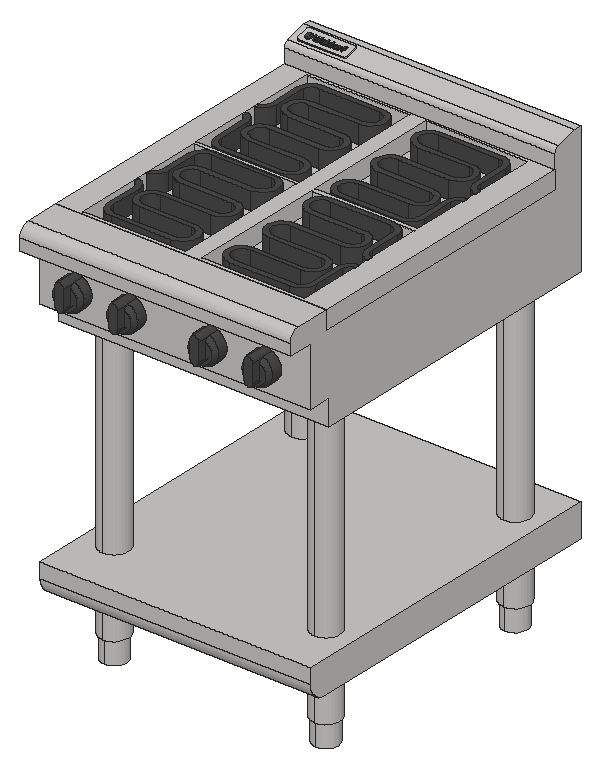
Revit family "QF_MOFFAT WALDORF_RNL8400E-LS", category Specialty Equipment, Revit 2012
Parameters
  Weight in Pounds = 163.1419
  Watts = 9600 W
  Volts = 415 V
  URL Cutsheet = "www.moffat.com"
  URL = "www.moffat.com"
  Type Mark [instance] = ""
  Status [instance] = ""
  Specification by User [instance] = ""
  Specification by Manufacturer = ""
  Show Logo [instance] = yes
  Show Casters [instance] = no
  Serial Number = ""
  Seismic Rating = ""
  SMACNA No = ""
  Revision Code [instance] = ""
  Phase = 2
  Omniclass Number and Title = ""
  Number of Poles = 1
  NAFEM Spec ID Number = ""
  Model = "RNL8400E-LS"
  Min Ckt Ampacity = 0 A
  Max Overcurrent Protection = 0 A
  Masterspec = ""
  Manufacturer = "MOFFAT WALDORF"
  Legs [instance] = not(Show Casters)  # yes
  Item Number [instance] = ""
  Installed By [instance] = ""
  Identify Quantity as Lot [instance] = yes
  HP = ""
  Furnished By [instance] = ""
  Foodservice Equipment Identifier [instance] = yes
  FL Amps = 20 A
  Elec Conn RI Height = 0 mm
  Elec Conn Connection Height = 0 mm
  Description = "COOK TOP LOW SPLASHBACK ELECTRIC ON LEG STAND"
  Cycle = 50 Hz
  Conn Plug = ""
  Conn Conduit = yes
  CSI MasterFormat = ""
  CSI Master Format = ""
  Base Height [instance] = 150 mm
  Apparent Power = if(Phase = 3, Volts * FL Amps * 1.73, Volts * FL Amps)  # 8300 VA
Reference planes
  plane 1 "BACK": y = 0
  plane 2: z = 0
  plane 3 "LEFT": x = 0
  plane 4 "RIGHT": x = 600
  plane 5 "FRONT": y = -805
  plane 6 "TOP": z = 970
  plane 7 "Center Y": x = 300
  plane 8 "Center X": y = -402.5
  plane 9 "Base Height": z = 150
  plane 10: z = 915
  plane 11: x = 65.8
  plane 12: y = -32
  plane 13: z = 710
  plane 14: x = 470
Forms (mm)
  Extrusion 1, solid, material "QF_Finishes_Stainless Steel"
    sketch origin (0, 0, 0) x (0, 1, 0) y (0, 0, 1)
      loop
        line (-805, 891) -> (-805, 866) -> (-749, 866) -> (-749, 735.938) -> (-699, 735.938) -> (-699, 680) -> (0, 680) -> (0, 970) -> (-16.5, 970) -> (-61.106, 958.048)
        arc (-61.106, 958.048) -> (-67.52, 953.762) -> (-70, 946.457) r 12
        line (-70, 946.457) -> (-70, 875) -> (-705, 875) -> (-705, 915) -> (-781, 915)
        arc (-781, 915) -> (-797.971, 907.971) -> (-805, 891) r 24
      loop
        line (0, 222.5) -> (-749, 222.5) -> (-749, 188)
        arc (-749, 188) -> (-737.87, 161.13) -> (-711, 150) r 38
        line (-711, 150) -> (0, 150) -> (0, 222.5)
    from 0 to 600
  Revolve 2, solid, material "QF_Finishes_Black"
    sketch origin (210, 0, 600) x (0, -1, 0) y (0, 0, 1)
      loop
        line (782, 229.605) -> (759, 229.605) -> (759, 202.105) -> (749, 202.105) -> (749, 197.105) -> (793, 197.105) -> (793, 223.757) -> (782, 229.605)
      axis (793, 197.105) -> (749, 197.105)
    angle from 0 to 360
  Extrusion 3, solid, material "QF_Finishes_Black"
    sketch origin (71.569, 0, 496.003) x (1, 0, 0) y (0, 0, 1)
      loop
        line (148.431, 289) -> (148.431, 327.997)
        arc (148.431, 327.997) -> (138.431, 337.997) -> (128.431, 327.997) r 10
        line (128.431, 327.997) -> (128.431, 289)
        arc (128.431, 289) -> (138.431, 279) -> (148.431, 289) r 10
    from 759 to 808
  Revolve 4, solid, material "QF_Finishes_Black"
    sketch origin (89.999, 0, 599.873) x (0, 1, 0) y (0, 0, -1)
      loop
        line (-782, -229.5) -> (-759, -229.5) -> (-759, -202) -> (-749, -202) -> (-749, -197) -> (-793, -197) -> (-793, -223.651) -> (-782, -229.5)
      axis (-793, -197) -> (-749, -197)
    angle from 0 to 360
  Extrusion 5, solid, material "QF_Finishes_Black"
    sketch origin (228.269, 0, 600.031) x (-1, 0, 0) y (0, 0, -1)
      loop
        arc (148.269, -184.969) -> (138.269, -174.969) -> (128.269, -184.969) r 10
        line (128.269, -184.969) -> (128.269, -223.969)
        arc (128.269, -223.969) -> (138.269, -233.969) -> (148.269, -223.969) r 10
        line (148.269, -223.969) -> (148.269, -184.969)
    from 759 to 808
  Extrusion 6, solid, material "QF_Finishes_Stainless Steel"
    sketch origin (0, -70, 875) x (0, -1, 0) y (1, 0, 0)
      loop
        line (1, 0) -> (635, 0) -> (635, 600) -> (1, 600) -> (1, 0)
      loop
        line (628.25, 54) -> (628.25, 282.75) -> (321.3, 282.75) -> (321.3, 54) -> (628.25, 54)
      loop
        line (6.75, 54) -> (313.7, 54) -> (313.7, 282.75) -> (6.75, 282.75) -> (6.75, 54)
      loop
        line (6.75, 317.25) -> (313.7, 317.25) -> (313.7, 546) -> (6.75, 546) -> (6.75, 317.25)
      loop
        line (628.25, 317.25) -> (628.25, 546) -> (321.3, 546) -> (321.3, 317.25) -> (628.25, 317.25)
    from 0 to 40
  Extrusion 7, solid, material "QF_Finishes_Black"
    sketch origin (0, -70, 875) x (0, -1, 0) y (1, 0, 0)
      loop
        arc (20.503, 102.138) -> (29.265, 78.692) -> (52.032, 68.293) r 32.731
        line (52.032, 68.293) -> (123.291, 68.293)
        arc (123.291, 68.293) -> (134.915, 64.189) -> (141.853, 54) r 19.786
        line (141.853, 54) -> (154.156, 54)
        arc (154.156, 54) -> (143.507, 72.673) -> (123.41, 80.3) r 31.79
        line (123.41, 80.3) -> (52.272, 80.3)
        arc (52.272, 80.3) -> (37.925, 87.003) -> (32.5, 101.881) r 20.722
        line (32.5, 101.881) -> (32.5, 234.6)
        arc (32.5, 234.6) -> (54.2, 256.3) -> (75.9, 234.6) r 21.7
        line (75.9, 234.6) -> (75.9, 122)
        arc (75.9, 122) -> (109.6, 88.3) -> (143.3, 122) r 33.7
        line (143.3, 122) -> (143.3, 234.6)
        arc (143.3, 234.6) -> (165, 256.3) -> (186.7, 234.6) r 21.7
        line (186.7, 234.6) -> (186.7, 122)
        arc (186.7, 122) -> (220.4, 88.3) -> (254.1, 122) r 33.7
        line (254.1, 122) -> (254.1, 234.6)
        arc (254.1, 234.6) -> (275.8, 256.3) -> (297.5, 234.6) r 21.7
        line (297.5, 234.6) -> (297.5, 101.881)
        arc (297.5, 101.881) -> (292.075, 87.003) -> (277.728, 80.3) r 20.722
        line (277.728, 80.3) -> (206.584, 80.3)
        arc (206.584, 80.3) -> (186.467, 72.659) -> (175.749, 54) r 31.973
        line (175.749, 54) -> (188.064, 54)
        arc (188.064, 54) -> (195.064, 64.184) -> (206.716, 68.3) r 19.973
        line (206.716, 68.3) -> (277.967, 68.3)
        arc (277.967, 68.3) -> (300.725, 78.682) -> (309.5, 102.106) r 32.722
        line (309.5, 102.106) -> (309.5, 234.6)
        arc (309.5, 234.6) -> (275.8, 268.3) -> (242.1, 234.6) r 33.7
        line (242.1, 234.6) -> (242.1, 122)
        arc (242.1, 122) -> (220.4, 100.3) -> (198.7, 122) r 21.7
        line (198.7, 122) -> (198.7, 234.6)
        arc (198.7, 234.6) -> (165, 268.3) -> (131.3, 234.6) r 33.7
        line (131.3, 234.6) -> (131.3, 122)
        arc (131.3, 122) -> (109.6, 100.3) -> (87.9, 122) r 21.7
        line (87.9, 122) -> (87.9, 234.6)
        arc (87.9, 234.6) -> (54.202, 268.298) -> (20.503, 234.6) r 33.698
        line (20.503, 234.6) -> (20.503, 102.138)
      loop
        arc (320.503, 102.138) -> (329.265, 78.692) -> (352.032, 68.293) r 32.731
        line (352.032, 68.293) -> (423.291, 68.293)
        arc (423.291, 68.293) -> (434.915, 64.189) -> (441.853, 54) r 19.786
        line (441.853, 54) -> (454.156, 54)
        arc (454.156, 54) -> (443.507, 72.673) -> (423.41, 80.3) r 31.79
        line (423.41, 80.3) -> (352.272, 80.3)
        arc (352.272, 80.3) -> (337.925, 87.003) -> (332.5, 101.881) r 20.722
        line (332.5, 101.881) -> (332.5, 234.6)
        arc (332.5, 234.6) -> (354.2, 256.3) -> (375.9, 234.6) r 21.7
        line (375.9, 234.6) -> (375.9, 122)
        arc (375.9, 122) -> (409.6, 88.3) -> (443.3, 122) r 33.7
        line (443.3, 122) -> (443.3, 234.6)
        arc (443.3, 234.6) -> (465, 256.3) -> (486.7, 234.6) r 21.7
        line (486.7, 234.6) -> (486.7, 122)
        arc (486.7, 122) -> (520.4, 88.3) -> (554.1, 122) r 33.7
        line (554.1, 122) -> (554.1, 234.6)
        arc (554.1, 234.6) -> (575.8, 256.3) -> (597.5, 234.6) r 21.7
        line (597.5, 234.6) -> (597.5, 101.881)
        arc (597.5, 101.881) -> (592.075, 87.003) -> (577.728, 80.3) r 20.722
        line (577.728, 80.3) -> (506.584, 80.3)
        arc (506.584, 80.3) -> (486.467, 72.659) -> (475.749, 54) r 31.973
        line (475.749, 54) -> (488.064, 54)
        arc (488.064, 54) -> (495.064, 64.184) -> (506.716, 68.3) r 19.973
        line (506.716, 68.3) -> (577.967, 68.3)
        arc (577.967, 68.3) -> (600.725, 78.682) -> (609.5, 102.106) r 32.722
        line (609.5, 102.106) -> (609.5, 234.6)
        arc (609.5, 234.6) -> (575.8, 268.3) -> (542.1, 234.6) r 33.7
        line (542.1, 234.6) -> (542.1, 122)
        arc (542.1, 122) -> (520.4, 100.3) -> (498.7, 122) r 21.7
        line (498.7, 122) -> (498.7, 234.6)
        arc (498.7, 234.6) -> (465, 268.3) -> (431.3, 234.6) r 33.7
        line (431.3, 234.6) -> (431.3, 122)
        arc (431.3, 122) -> (409.6, 100.3) -> (387.9, 122) r 21.7
        line (387.9, 122) -> (387.9, 234.6)
        arc (387.9, 234.6) -> (354.202, 268.298) -> (320.503, 234.6) r 33.698
        line (320.503, 234.6) -> (320.503, 102.138)
      loop
        line (20.503, 497.862) -> (20.503, 365.4)
        arc (20.503, 365.4) -> (54.202, 331.702) -> (87.9, 365.4) r 33.698
        line (87.9, 365.4) -> (87.9, 478)
        arc (87.9, 478) -> (109.6, 499.7) -> (131.3, 478) r 21.7
        line (131.3, 478) -> (131.3, 365.4)
        arc (131.3, 365.4) -> (165, 331.7) -> (198.7, 365.4) r 33.7
        line (198.7, 365.4) -> (198.7, 478)
        arc (198.7, 478) -> (220.4, 499.7) -> (242.1, 478) r 21.7
        line (242.1, 478) -> (242.1, 365.4)
        arc (242.1, 365.4) -> (275.8, 331.7) -> (309.5, 365.4) r 33.7
        line (309.5, 365.4) -> (309.5, 497.894)
        arc (309.5, 497.894) -> (300.725, 521.318) -> (277.967, 531.7) r 32.722
        line (277.967, 531.7) -> (206.716, 531.7)
        arc (206.716, 531.7) -> (195.064, 535.816) -> (188.064, 546) r 19.973
        line (188.064, 546) -> (175.749, 546)
        arc (175.749, 546) -> (186.467, 527.341) -> (206.584, 519.7) r 31.973
        line (206.584, 519.7) -> (277.728, 519.7)
        arc (277.728, 519.7) -> (292.075, 512.997) -> (297.5, 498.119) r 20.722
        line (297.5, 498.119) -> (297.5, 365.4)
        arc (297.5, 365.4) -> (275.8, 343.7) -> (254.1, 365.4) r 21.7
        line (254.1, 365.4) -> (254.1, 478)
        arc (254.1, 478) -> (220.4, 511.7) -> (186.7, 478) r 33.7
        line (186.7, 478) -> (186.7, 365.4)
        arc (186.7, 365.4) -> (165, 343.7) -> (143.3, 365.4) r 21.7
        line (143.3, 365.4) -> (143.3, 478)
        arc (143.3, 478) -> (109.6, 511.7) -> (75.9, 478) r 33.7
        line (75.9, 478) -> (75.9, 365.4)
        arc (75.9, 365.4) -> (54.2, 343.7) -> (32.5, 365.4) r 21.7
        line (32.5, 365.4) -> (32.5, 498.119)
        arc (32.5, 498.119) -> (37.925, 512.997) -> (52.272, 519.7) r 20.722
        line (52.272, 519.7) -> (123.41, 519.7)
        arc (123.41, 519.7) -> (143.507, 527.327) -> (154.156, 546) r 31.79
        line (154.156, 546) -> (141.853, 546)
        arc (141.853, 546) -> (134.915, 535.811) -> (123.291, 531.707) r 19.786
        line (123.291, 531.707) -> (52.032, 531.707)
        arc (52.032, 531.707) -> (29.265, 521.308) -> (20.503, 497.862) r 32.731
      loop
        line (320.503, 497.862) -> (320.503, 365.4)
        arc (320.503, 365.4) -> (354.202, 331.702) -> (387.9, 365.4) r 33.698
        line (387.9, 365.4) -> (387.9, 478)
        arc (387.9, 478) -> (409.6, 499.7) -> (431.3, 478) r 21.7
        line (431.3, 478) -> (431.3, 365.4)
        arc (431.3, 365.4) -> (465, 331.7) -> (498.7, 365.4) r 33.7
        line (498.7, 365.4) -> (498.7, 478)
        arc (498.7, 478) -> (520.4, 499.7) -> (542.1, 478) r 21.7
        line (542.1, 478) -> (542.1, 365.4)
        arc (542.1, 365.4) -> (575.8, 331.7) -> (609.5, 365.4) r 33.7
        line (609.5, 365.4) -> (609.5, 497.894)
        arc (609.5, 497.894) -> (600.725, 521.318) -> (577.967, 531.7) r 32.722
        line (577.967, 531.7) -> (506.716, 531.7)
        arc (506.716, 531.7) -> (495.064, 535.816) -> (488.064, 546) r 19.973
        line (488.064, 546) -> (475.749, 546)
        arc (475.749, 546) -> (486.467, 527.341) -> (506.584, 519.7) r 31.973
        line (506.584, 519.7) -> (577.728, 519.7)
        arc (577.728, 519.7) -> (592.075, 512.997) -> (597.5, 498.119) r 20.722
        line (597.5, 498.119) -> (597.5, 365.4)
        arc (597.5, 365.4) -> (575.8, 343.7) -> (554.1, 365.4) r 21.7
        line (554.1, 365.4) -> (554.1, 478)
        arc (554.1, 478) -> (520.4, 511.7) -> (486.7, 478) r 33.7
        line (486.7, 478) -> (486.7, 365.4)
        arc (486.7, 365.4) -> (465, 343.7) -> (443.3, 365.4) r 21.7
        line (443.3, 365.4) -> (443.3, 478)
        arc (443.3, 478) -> (409.6, 511.7) -> (375.9, 478) r 33.7
        line (375.9, 478) -> (375.9, 365.4)
        arc (375.9, 365.4) -> (354.2, 343.7) -> (332.5, 365.4) r 21.7
        line (332.5, 365.4) -> (332.5, 498.119)
        arc (332.5, 498.119) -> (337.925, 512.997) -> (352.272, 519.7) r 20.722
        line (352.272, 519.7) -> (423.41, 519.7)
        arc (423.41, 519.7) -> (443.507, 527.327) -> (454.156, 546) r 31.79
        line (454.156, 546) -> (441.853, 546)
        arc (441.853, 546) -> (434.915, 535.811) -> (423.291, 531.707) r 19.786
        line (423.291, 531.707) -> (352.032, 531.707)
        arc (352.032, 531.707) -> (329.265, 521.308) -> (320.503, 497.862) r 32.731
    from 0 to 40
  Revolve 8, solid, material "QF_Finishes_Black"
    sketch origin (510, 0, 600) x (0, -1, 0) y (0, 0, 1)
      loop
        line (782, 229.605) -> (759, 229.605) -> (759, 202.105) -> (749, 202.105) -> (749, 197.105) -> (793, 197.105) -> (793, 223.757) -> (782, 229.605)
      axis (793, 197.105) -> (749, 197.105)
    angle from 0 to 360
  Extrusion 9, solid, material "QF_Finishes_Black"
    sketch origin (371.569, 0, 496.003) x (1, 0, 0) y (0, 0, 1)
      loop
        line (148.431, 289) -> (148.431, 327.997)
        arc (148.431, 327.997) -> (138.431, 337.997) -> (128.431, 327.997) r 10
        line (128.431, 327.997) -> (128.431, 289)
        arc (128.431, 289) -> (138.431, 279) -> (148.431, 289) r 10
    from 759 to 808
  Revolve 10, solid, material "QF_Finishes_Black"
    sketch origin (389.999, 0, 599.873) x (0, 1, 0) y (0, 0, -1)
      loop
        line (-782, -229.5) -> (-759, -229.5) -> (-759, -202) -> (-749, -202) -> (-749, -197) -> (-793, -197) -> (-793, -223.651) -> (-782, -229.5)
      axis (-793, -197) -> (-749, -197)
    angle from 0 to 360
  Extrusion 11, solid, material "QF_Finishes_Black"
    sketch origin (528.269, 0, 600.031) x (-1, 0, 0) y (0, 0, -1)
      loop
        arc (148.269, -184.969) -> (138.269, -174.969) -> (128.269, -184.969) r 10
        line (128.269, -184.969) -> (128.269, -223.969)
        arc (128.269, -223.969) -> (138.269, -233.969) -> (148.269, -223.969) r 10
        line (148.269, -223.969) -> (148.269, -184.969)
    from 759 to 808
  Extrusion 12, solid, material "QF_Finishes_Stainless Steel"
    sketch origin (0, 0, 222.5) x (0, -1, 0) y (1, 0, 0)
      loop
        circle (100, 65) r 31.75
      loop
        circle (625, 65) r 31.75
      loop
        circle (100, 535) r 31.75
      loop
        circle (625, 535) r 31.75
    from 0 to 457.5
  Revolve 13, solid, material "QF_Finishes_Stainless Steel", visible <- "Legs"
    sketch origin (65, -165, 0) x (0, 1, 0) y (0, 0, 1)
      loop
        line (33.25, 150) -> (33.25, 50) -> (37.5, 50) -> (37.5, 0) -> (65, 0) -> (65, 150) -> (33.25, 150)
      axis (65, 150) -> (65, 0)
    angle from 0 to 360
  Revolve 14, solid, material "QF_Finishes_Stainless Steel"
    sketch origin (65, -735, 0) x (0, 1, 0) y (0, 0, 1)
      loop
        line (78.25, 150) -> (78.25, 50) -> (82.5, 50) -> (82.5, 0) -> (110, 0) -> (110, 150) -> (78.25, 150)
      axis (110, 150) -> (110, 0)
    angle from 0 to 360
  Revolve 15, solid, material "QF_Finishes_Stainless Steel", visible <- "Legs"
    sketch origin (535, -165, 0) x (0, 1, 0) y (0, 0, -1)
      loop
        line (33.25, -150) -> (65, -150) -> (65, 0) -> (37.5, 0) -> (37.5, -50) -> (33.25, -50) -> (33.25, -150)
      axis (65, -150) -> (65, 0)
    angle from 0 to 360
  Revolve 16, solid, material "QF_Finishes_Stainless Steel"
    sketch origin (535, -735, 0) x (0, 1, 0) y (0, 0, -1)
      loop
        line (78.25, -150) -> (110, -150) -> (110, 0) -> (82.5, 0) -> (82.5, -50) -> (78.25, -50) -> (78.25, -150)
      axis (110, -150) -> (110, 0)
    angle from 0 to 360
  Extrusion 17, void
    sketch origin (0, 0, 680) x (-1, 0, 0) y (0, 1, 0)
      loop
        circle (-470, -32) r 6.35
    from -30 to 12.949
Cuts and joins
  Extrusion 17 cuts Extrusion 1
Lines and regions (mm)
  Split face 1
    outline origin (22.5, -20.122, 969.029) x (0, -0.965926, -0.258819) y (1, 0, 0)
      loop
        line (1.427, 105.5) -> (35.836, 105.5) -> (35.836, 125.5) -> (1.427, 125.5) -> (1.427, 105.5)
  Split face 2
    outline origin (49.289, -20.122, 969.029) x (0, -0.965926, -0.258819) y (1, 0, 0)
      loop
        line (1.427, 105.5) -> (35.836, 105.5) -> (35.836, 125.5) -> (1.427, 125.5) -> (1.427, 105.5)
  Split face 3
    outline origin (76.967, -20.122, 969.029) x (0, -0.965926, -0.258819) y (1, 0, 0)
      loop
        line (1.427, 105.5) -> (35.836, 105.5) -> (35.836, 125.5) -> (1.427, 125.5) -> (1.427, 105.5)
  Split face 4
    outline origin (103.591, -20.122, 969.029) x (0, -0.965926, -0.258819) y (1, 0, 0)
      loop
        line (1.427, 105.5) -> (35.836, 105.5) -> (35.836, 125.5) -> (1.427, 125.5) -> (1.427, 105.5)
  Split face 5
    outline origin (130.215, -20.122, 969.029) x (0, -0.965926, -0.258819) y (1, 0, 0)
      loop
        line (1.427, 105.5) -> (35.836, 105.5) -> (35.836, 125.5) -> (1.427, 125.5) -> (1.427, 105.5)
  Split face 6
    outline origin (157.366, -20.122, 969.029) x (0, -0.965926, -0.258819) y (1, 0, 0)
      loop
        line (1.427, 105.5) -> (35.836, 105.5) -> (35.836, 125.5) -> (1.427, 125.5) -> (1.427, 105.5)
  Split face 7
    outline origin (184.781, -20.122, 969.029) x (0, -0.965926, -0.258819) y (1, 0, 0)
      loop
        line (1.427, 105.5) -> (35.836, 105.5) -> (35.836, 125.5) -> (1.427, 125.5) -> (1.427, 105.5)
  Split face 8
    outline origin (211.405, -20.122, 969.029) x (0, -0.965926, -0.258819) y (1, 0, 0)
      loop
        line (1.427, 105.5) -> (35.836, 105.5) -> (35.836, 125.5) -> (1.427, 125.5) -> (1.427, 105.5)
  Split face 9
    outline origin (238.292, -20.122, 969.029) x (0, -0.965926, -0.258819) y (1, 0, 0)
      loop
        line (1.427, 105.5) -> (35.836, 105.5) -> (35.836, 125.5) -> (1.427, 125.5) -> (1.427, 105.5)
  Split face 10
    outline origin (265.971, -20.122, 969.029) x (0, -0.965926, -0.258819) y (1, 0, 0)
      loop
        line (1.427, 105.5) -> (35.836, 105.5) -> (35.836, 125.5) -> (1.427, 125.5) -> (1.427, 105.5)
  Split face 11
    outline origin (292.533, -20.122, 969.029) x (0, -0.965926, -0.258819) y (1, 0, 0)
      loop
        line (1.427, 105.5) -> (35.836, 105.5) -> (35.836, 125.5) -> (1.427, 125.5) -> (1.427, 105.5)
  Split face 12
    outline origin (319.444, -20.122, 969.029) x (0, -0.965926, -0.258819) y (1, 0, 0)
      loop
        line (1.427, 105.5) -> (35.836, 105.5) -> (35.836, 125.5) -> (1.427, 125.5) -> (1.427, 105.5)
  Split face 13
    outline origin (346.271, -20.122, 969.029) x (0, -0.965926, -0.258819) y (1, 0, 0)
      loop
        line (1.427, 105.5) -> (35.836, 105.5) -> (35.836, 125.5) -> (1.427, 125.5) -> (1.427, 105.5)
  symbolic lines
    curve 1: line (0, 0, 0) -> (0, -805, 0)
    curve 2: line (600, 0, 0) -> (0, 0, 0)
    curve 3: line (600, -805, 0) -> (600, 0, 0)
    curve 4: line (0, -70, 0) -> (600, -70, 0)
    curve 5: line (0, -805, 0) -> (600, -805, 0)
    curve 10: line (600, -705, 0) -> (0, -705, 0)
    curve 11: line (128, -50.782, 0) -> (128, -20.984, 0)
    curve 12: line (128, -20.984, 0) -> (148, -20.984, 0)
    curve 13: line (148, -20.984, 0) -> (148, -50.782, 0)
    curve 14: line (148, -50.782, 0) -> (128, -50.782, 0)
    curve 15: line (154.789, -50.782, 0) -> (154.789, -20.984, 0)
    curve 16: line (154.789, -20.984, 0) -> (174.789, -20.984, 0)
    curve 17: line (174.789, -20.984, 0) -> (174.789, -50.782, 0)
    curve 18: line (174.789, -50.782, 0) -> (154.789, -50.782, 0)
    curve 19: line (182.467, -20.984, 0) -> (202.467, -20.984, 0)
    curve 20: line (202.467, -20.984, 0) -> (202.467, -50.782, 0)
    curve 21: line (202.467, -50.782, 0) -> (182.467, -50.782, 0)
    curve 22: line (182.467, -50.782, 0) -> (182.467, -20.984, 0)
    curve 23: line (229.091, -20.984, 0) -> (209.091, -20.984, 0)
    curve 24: line (209.091, -20.984, 0) -> (209.091, -50.782, 0)
    curve 25: line (209.091, -50.782, 0) -> (229.091, -50.782, 0)
    curve 26: line (229.091, -50.782, 0) -> (229.091, -20.984, 0)
    curve 27: line (255.715, -20.984, 0) -> (235.715, -20.984, 0)
    curve 28: line (235.715, -20.984, 0) -> (235.715, -50.782, 0)
    curve 29: line (235.715, -50.782, 0) -> (255.715, -50.782, 0)
    curve 30: line (255.715, -50.782, 0) -> (255.715, -20.984, 0)
    curve 31: line (282.866, -20.984, 0) -> (262.866, -20.984, 0)
    curve 32: line (262.866, -20.984, 0) -> (262.866, -50.782, 0)
    curve 33: line (262.866, -50.782, 0) -> (282.866, -50.782, 0)
    curve 34: line (282.866, -50.782, 0) -> (282.866, -20.984, 0)
    curve 35: line (310.281, -20.984, 0) -> (290.281, -20.984, 0)
    curve 36: line (290.281, -20.984, 0) -> (290.281, -50.782, 0)
    curve 37: line (290.281, -50.782, 0) -> (310.281, -50.782, 0)
    curve 38: line (310.281, -50.782, 0) -> (310.281, -20.984, 0)
    curve 39: line (316.905, -20.984, 0) -> (336.905, -20.984, 0)
    curve 40: line (336.905, -20.984, 0) -> (336.905, -50.782, 0)
    curve 41: line (336.905, -50.782, 0) -> (316.905, -50.782, 0)
    curve 42: line (316.905, -50.782, 0) -> (316.905, -20.984, 0)
    curve 43: line (363.792, -20.984, 0) -> (343.792, -20.984, 0)
    curve 44: line (343.792, -20.984, 0) -> (343.792, -50.782, 0)
    curve 45: line (343.792, -50.782, 0) -> (363.792, -50.782, 0)
    curve 46: line (363.792, -50.782, 0) -> (363.792, -20.984, 0)
    curve 47: line (371.471, -50.782, 0) -> (391.471, -50.782, 0)
    curve 48: line (391.471, -50.782, 0) -> (391.471, -20.984, 0)
    curve 49: line (391.471, -20.984, 0) -> (371.471, -20.984, 0)
    curve 50: line (371.471, -20.984, 0) -> (371.471, -50.782, 0)
    curve 51: line (398.033, -50.782, 0) -> (418.033, -50.782, 0)
    curve 52: line (418.033, -50.782, 0) -> (418.033, -20.984, 0)
    curve 53: line (418.033, -20.984, 0) -> (398.033, -20.984, 0)
    curve 54: line (398.033, -20.984, 0) -> (398.033, -50.782, 0)
    curve 55: line (444.944, -50.782, 0) -> (424.944, -50.782, 0)
    curve 56: line (424.944, -50.782, 0) -> (424.944, -20.984, 0)
    curve 57: line (424.944, -20.984, 0) -> (444.944, -20.984, 0)
    curve 58: line (444.944, -20.984, 0) -> (444.944, -50.782, 0)
    curve 59: line (451.771, -50.782, 0) -> (471.771, -50.782, 0)
    curve 60: line (471.771, -50.782, 0) -> (471.771, -20.984, 0)
    curve 61: line (471.771, -20.984, 0) -> (451.771, -20.984, 0)
    curve 62: line (451.771, -20.984, 0) -> (451.771, -50.782, 0)
    curve 63: line (54, -705, 0) -> (54, -70, 0)
    curve 64: line (546, -71, 0) -> (546, -705, 0)
    curve 65: line (282.75, -70, 0) -> (282.75, -705, 0)
    curve 66: line (317.25, -705, 0) -> (317.25, -70, 0)
    curve 67: line (54, -387.5, 0) -> (546, -387.5, 0)
    curve 68: arc (102.029, -96.503, 0) -> (82.856, -103.586, 0) -> (74.293, -122.146, 0) r 26.731
    curve 69: line (234.6, -96.503, 0) -> (102.029, -96.503, 0)
    curve 70: line (74.293, -122.146, 0) -> (74.293, -193.354, 0)
    curve 71: arc (74.293, -193.354, 0) -> (68.431, -209.219, 0) -> (54, -218.038, 0) r 25.786
    curve 72: arc (234.6, -151.9, 0) -> (262.298, -124.202, 0) -> (234.6, -96.503, 0) r 27.698
    curve 73: line (122, -151.9, 0) -> (234.6, -151.9, 0)
    curve 74: arc (122, -207.3, 0) -> (94.3, -179.6, 0) -> (122, -151.9, 0) r 27.7
    curve 75: line (234.6, -207.3, 0) -> (122, -207.3, 0)
    curve 76: arc (234.6, -262.7, 0) -> (262.3, -235, 0) -> (234.6, -207.3, 0) r 27.7
    curve 77: line (122, -262.7, 0) -> (234.6, -262.7, 0)
    curve 78: arc (122, -318.1, 0) -> (94.3, -290.4, 0) -> (122, -262.7, 0) r 27.7
    curve 79: line (234.6, -318.1, 0) -> (122, -318.1, 0)
    curve 80: arc (234.6, -373.5, 0) -> (262.3, -345.8, 0) -> (234.6, -318.1, 0) r 27.7
    curve 81: line (102, -373.5, 0) -> (234.6, -373.5, 0)
    curve 82: arc (74.3, -347.854, 0) -> (82.847, -366.405, 0) -> (102, -373.5, 0) r 26.722
    curve 83: line (74.3, -276.646, 0) -> (74.3, -347.854, 0)
    curve 84: arc (54, -251.869, 0) -> (68.424, -260.755, 0) -> (74.3, -276.646, 0) r 25.973
    curve 85: arc (102.029, -396.503, 0) -> (82.856, -403.586, 0) -> (74.293, -422.146, 0) r 26.731
    curve 86: line (234.6, -396.503, 0) -> (102.029, -396.503, 0)
    curve 87: line (74.293, -422.146, 0) -> (74.293, -493.354, 0)
    curve 88: arc (74.293, -493.354, 0) -> (68.431, -509.219, 0) -> (54, -518.038, 0) r 25.786
    curve 89: arc (234.6, -451.9, 0) -> (262.298, -424.202, 0) -> (234.6, -396.503, 0) r 27.698
    curve 90: line (122, -451.9, 0) -> (234.6, -451.9, 0)
    curve 91: arc (122, -507.3, 0) -> (94.3, -479.6, 0) -> (122, -451.9, 0) r 27.7
    curve 92: line (234.6, -507.3, 0) -> (122, -507.3, 0)
    curve 93: arc (234.6, -562.7, 0) -> (262.3, -535, 0) -> (234.6, -507.3, 0) r 27.7
    curve 94: line (122, -562.7, 0) -> (234.6, -562.7, 0)
    curve 95: arc (122, -618.1, 0) -> (94.3, -590.4, 0) -> (122, -562.7, 0) r 27.7
    curve 96: line (234.6, -618.1, 0) -> (122, -618.1, 0)
    curve 97: arc (234.6, -673.5, 0) -> (262.3, -645.8, 0) -> (234.6, -618.1, 0) r 27.7
    curve 98: line (102, -673.5, 0) -> (234.6, -673.5, 0)
    curve 99: arc (74.3, -647.854, 0) -> (82.847, -666.405, 0) -> (102, -673.5, 0) r 26.722
    curve 100: line (74.3, -576.646, 0) -> (74.3, -647.854, 0)
    curve 101: arc (54, -551.869, 0) -> (68.424, -560.755, 0) -> (74.3, -576.646, 0) r 25.973
    curve 102: arc (497.971, -96.503, 0) -> (517.144, -103.586, 0) -> (525.707, -122.146, 0) r 26.731
    curve 103: line (365.4, -96.503, 0) -> (497.971, -96.503, 0)
    curve 104: line (525.707, -122.146, 0) -> (525.707, -193.354, 0)
    curve 105: arc (525.707, -193.354, 0) -> (531.569, -209.219, 0) -> (546, -218.038, 0) r 25.786
    curve 106: arc (365.4, -151.9, 0) -> (337.702, -124.202, 0) -> (365.4, -96.503, 0) r 27.698
    curve 107: line (478, -151.9, 0) -> (365.4, -151.9, 0)
    curve 108: arc (478, -207.3, 0) -> (505.7, -179.6, 0) -> (478, -151.9, 0) r 27.7
    curve 109: line (365.4, -207.3, 0) -> (478, -207.3, 0)
    curve 110: arc (365.4, -262.7, 0) -> (337.7, -235, 0) -> (365.4, -207.3, 0) r 27.7
    curve 111: line (478, -262.7, 0) -> (365.4, -262.7, 0)
    curve 112: arc (478, -318.1, 0) -> (505.7, -290.4, 0) -> (478, -262.7, 0) r 27.7
    curve 113: line (365.4, -318.1, 0) -> (478, -318.1, 0)
    curve 114: arc (365.4, -373.5, 0) -> (337.7, -345.8, 0) -> (365.4, -318.1, 0) r 27.7
    curve 115: line (498, -373.5, 0) -> (365.4, -373.5, 0)
    curve 116: arc (525.7, -347.854, 0) -> (517.153, -366.405, 0) -> (498, -373.5, 0) r 26.722
    curve 117: line (525.7, -276.646, 0) -> (525.7, -347.854, 0)
    curve 118: arc (546, -251.869, 0) -> (531.576, -260.755, 0) -> (525.7, -276.646, 0) r 25.973
    curve 119: arc (497.971, -396.503, 0) -> (517.144, -403.586, 0) -> (525.707, -422.146, 0) r 26.731
    curve 120: line (365.4, -396.503, 0) -> (497.971, -396.503, 0)
    curve 121: line (525.707, -422.146, 0) -> (525.707, -493.354, 0)
    curve 122: arc (525.707, -493.354, 0) -> (531.569, -509.219, 0) -> (546, -518.038, 0) r 25.786
    curve 123: arc (365.4, -451.9, 0) -> (337.702, -424.202, 0) -> (365.4, -396.503, 0) r 27.698
    curve 124: line (478, -451.9, 0) -> (365.4, -451.9, 0)
    curve 125: arc (478, -507.3, 0) -> (505.7, -479.6, 0) -> (478, -451.9, 0) r 27.7
    curve 126: line (365.4, -507.3, 0) -> (478, -507.3, 0)
    curve 127: arc (365.4, -562.7, 0) -> (337.7, -535, 0) -> (365.4, -507.3, 0) r 27.7
    curve 128: line (478, -562.7, 0) -> (365.4, -562.7, 0)
    curve 129: arc (478, -618.1, 0) -> (505.7, -590.4, 0) -> (478, -562.7, 0) r 27.7
    curve 130: line (365.4, -618.1, 0) -> (478, -618.1, 0)
    curve 131: arc (365.4, -673.5, 0) -> (337.7, -645.8, 0) -> (365.4, -618.1, 0) r 27.7
    curve 132: line (498, -673.5, 0) -> (365.4, -673.5, 0)
    curve 133: arc (525.7, -647.854, 0) -> (517.153, -666.405, 0) -> (498, -673.5, 0) r 26.722
    curve 134: line (525.7, -576.646, 0) -> (525.7, -647.854, 0)
    curve 135: arc (546, -551.869, 0) -> (531.576, -560.755, 0) -> (525.7, -576.646, 0) r 25.973
  symbolic lines, visible <- "Show Logo"
    curve 6: line (12.5, -51.234, 0) -> (12.5, -20.958, 0)
    curve 7: line (12.5, -20.958, 0) -> (121.5, -20.958, 0)
    curve 8: line (12.5, -51.234, 0) -> (121.5, -51.234, 0)
    curve 9: line (121.5, -20.958, 0) -> (121.5, -51.234, 0)
Dimensions and locks
  equal spacing: plane 3 "LEFT", plane 7 "Center Y", plane 4 "RIGHT"
  plane 3 "LEFT" to plane 4 "RIGHT" = 600 mm
  equal spacing: plane 5 "FRONT", plane 8 "Center X", plane 1 "BACK"
  plane 5 "FRONT" to plane 1 "BACK" = 805 mm  (x2)
  equal spacing: plane 4 "RIGHT", plane 7 "Center Y", plane 3 "LEFT"
  plane 4 "RIGHT" to plane 3 "LEFT" = 600 mm
  "Base Height": plane 9 "Base Height" to level
  plane 6 "TOP" to level = 970 mm
  plane 10 to level = 915 mm
  plane 12 to plane 1 "BACK" = 32 mm
  plane 13 to level = 710 mm
  plane 14 to plane 4 "RIGHT" = 130 mm
  aligned and locked: level to plane 2
  aligned and locked: curve 3 to plane 4 "RIGHT"
Automatic sketch dimensions
  plane 1 "BACK" to curve 1 = 0 mm
  curve 1 to plane 3 "LEFT" = 0 mm
  plane 5 "FRONT" to curve 5 = 0 mm
  plane 3 "LEFT" to curve 6 = 12.5 mm
  curve 83 to curve 82 = 26.701 mm
  curve 99 to curve 99 = 26.701 mm
  curve 85 to curve 85 = 26.709 mm
  curve 68 to curve 68 = 26.709 mm
  curve 99 to curve 98 = 0.999 mm
  curve 82 to curve 82 = 0.999 mm
  curve 68 to curve 69 = 1.027 mm
  plane 8 "Center X" to curve 86 = 5.997 mm
  curve 81 to curve 86 = 0.029 mm
  plane 1 "BACK" to curve 7 = 20.958 mm
  curve 82 to curve 78 = 20.999 mm
  curve 88 to curve 91 = 47.707 mm
  curve 68 to curve 74 = 20.998 mm
  curve 101 to curve 94 = 47.7 mm
  curve 7 to curve 12 = 6.5 mm
  curve 11 to curve 12 = 20 mm
  curve 12 to curve 15 = 6.789 mm
  curve 15 to curve 17 = 20 mm
  curve 17 to curve 21 = 7.678 mm
  curve 19 to curve 20 = 20 mm
  curve 20 to curve 24 = 6.624 mm
  curve 23 to curve 26 = 20 mm
  curve 89 to plane 7 "Center Y" = 65.4 mm
  curve 76 to plane 7 "Center Y" = 65.4 mm
  curve 92 to curve 89 = 0 mm
  curve 96 to curve 93 = 0 mm
  curve 81 to curve 86 = 0 mm
  curve 73 to curve 76 = 0 mm
  curve 23 to curve 28 = 6.624 mm
  curve 28 to curve 29 = 20 mm
  curve 27 to curve 32 = 7.151 mm
  curve 65 to plane 7 "Center Y" = 17.25 mm
  curve 31 to plane 7 "Center Y" = 17.134 mm
  curve 31 to curve 36 = 7.415 mm
  plane 7 "Center Y" to curve 38 = 10.281 mm
  curve 37 to curve 41 = 6.624 mm
  plane 7 "Center Y" to curve 66 = 17.25 mm
  curve 39 to curve 39 = 20 mm
  curve 39 to curve 44 = 6.888 mm
  curve 44 to curve 45 = 20 mm
  curve 45 to curve 106 = 1.608 mm
  plane 7 "Center Y" to curve 130 = 65.4 mm
  plane 7 "Center Y" to curve 126 = 65.4 mm
  plane 8 "Center X" to curve 114 = 29 mm
  plane 7 "Center Y" to curve 114 = 65.4 mm
  curve 123 to plane 8 "Center X" = 21.702 mm
  curve 123 to curve 115 = 0 mm
  curve 109 to curve 106 = 0 mm
  curve 45 to curve 47 = 7.678 mm
  curve 47 to curve 48 = 20 mm
  curve 48 to curve 54 = 6.562 mm
  curve 53 to curve 52 = 20 mm
  curve 51 to curve 56 = 6.911 mm
  curve 55 to curve 55 = 20 mm
  curve 55 to curve 59 = 6.827 mm
  curve 61 to curve 60 = 20 mm
  plane 8 "Center X" to curve 120 = 5.997 mm
  curve 119 to curve 116 = 0.029 mm
  curve 119 to plane 8 "Center X" = 20.714 mm
  curve 119 to curve 119 = 1.027 mm
  curve 102 to curve 102 = 1.027 mm
  curve 116 to curve 116 = 0.999 mm
  curve 133 to curve 133 = 0.999 mm
  curve 64 to plane 5 "FRONT" = 100 mm
  curve 63 to curve 98 = 31.5 mm
  curve 66 to curve 132 = 31.5 mm
  curve 98 to curve 99 = 25.646 mm
  curve 133 to curve 133 = 25.646 mm
  curve 97 to curve 97 = 27.7 mm
  curve 131 to curve 131 = 27.7 mm
  curve 129 to curve 129 = 27.7 mm
  curve 95 to curve 95 = 27.7 mm
  curve 129 to curve 135 = 13.184 mm
  curve 95 to curve 101 = 13.184 mm
  curve 135 to curve 135 = 0.57 mm
  curve 101 to curve 101 = 0.57 mm
  curve 94 to curve 93 = 27.7 mm
  curve 128 to curve 127 = 27.7 mm
  curve 135 to curve 122 = 33.83 mm
  curve 101 to curve 88 = 33.83 mm
  curve 122 to curve 121 = 24.684 mm
  curve 88 to curve 87 = 24.684 mm
  curve 92 to curve 91 = 27.7 mm
  curve 85 to curve 85 = 26.711 mm
  plane 8 "Center X" to curve 67 = 15 mm
  curve 86 to curve 80 = 23.003 mm
  curve 116 to curve 117 = 25.646 mm
  curve 82 to curve 82 = 25.646 mm
  curve 80 to curve 80 = 27.7 mm
  curve 114 to curve 114 = 27.7 mm
  curve 112 to curve 112 = 27.7 mm
  curve 78 to curve 78 = 27.7 mm
  curve 112 to curve 118 = 13.184 mm
  curve 78 to curve 84 = 13.184 mm
  curve 84 to curve 84 = 0.57 mm
  curve 118 to curve 118 = 0.57 mm
  curve 110 to curve 110 = 27.7 mm
  curve 76 to curve 76 = 27.7 mm
  curve 84 to curve 71 = 33.83 mm
  curve 118 to curve 105 = 33.83 mm
  curve 71 to curve 71 = 24.684 mm
  curve 105 to curve 105 = 24.684 mm
  curve 108 to curve 108 = 27.7 mm
  curve 74 to curve 74 = 27.7 mm
  curve 107 to curve 106 = 27.698 mm
  curve 73 to curve 72 = 27.698 mm
  curve 102 to curve 102 = 26.711 mm
  curve 68 to curve 68 = 26.711 mm
  curve 68 to curve 63 = 52.146 mm
  curve 102 to curve 64 = 51.146 mm
  curve 106 to curve 66 = 26.503 mm
  curve 4 to curve 8 = 18.766 mm
  plane 1 "BACK" to curve 51 = 50.782 mm
  curve 50 to curve 51 = 0 mm
  plane 1 "BACK" to curve 60 = 50.782 mm
  curve 58 to curve 59 = 0 mm
  curve 8 to curve 11 = 0.452 mm
  curve 46 to curve 47 = 0 mm
  curve 13 to curve 15 = 0 mm  (x2)
  curve 66 to curve 42 = 19.218 mm
  curve 17 to curve 20 = 0 mm
  curve 20 to curve 24 = 0 mm
  curve 25 to curve 28 = 0 mm
  curve 38 to curve 41 = 0 mm
  curve 29 to curve 32 = 0 mm
  plane 1 "BACK" to curve 34 = 20.984 mm
  plane 1 "BACK" to curve 35 = 20.984 mm
  curve 30 to curve 31 = 0 mm
  plane 1 "BACK" to curve 57 = 20.984 mm
  curve 26 to curve 27 = 0 mm
  plane 1 "BACK" to curve 54 = 20.984 mm
  curve 57 to curve 62 = 0 mm
  plane 1 "BACK" to curve 22 = 20.984 mm
  curve 35 to curve 39 = 0 mm
  curve 17 to curve 19 = 0 mm
  plane 1 "BACK" to curve 43 = 20.984 mm
  curve 48 to curve 53 = 0 mm
  plane 3 "LEFT" to curve 101 = 48.333 mm
  plane 3 "LEFT" to curve 84 = 48.333 mm
  plane 3 "LEFT" to curve 71 = 48.512 mm
  plane 3 "LEFT" to curve 88 = 48.512 mm
  plane 3 "LEFT" to curve 67 = 54 mm
  curve 88 to curve 87 = 25.781 mm
  curve 63 to curve 68 = 20.293 mm
  curve 63 to curve 100 = 20.3 mm
  curve 84 to curve 83 = 25.967 mm
  curve 69 to curve 7 = 19.471 mm
  curve 123 to curve 125 = 112.6 mm
  curve 110 to curve 111 = 112.6 mm
  curve 108 to curve 112 = 0 mm
  curve 129 to curve 125 = 0 mm
  curve 124 to curve 120 = 19.971 mm
  curve 59 to curve 103 = 26.2 mm
  curve 130 to curve 132 = 20 mm
  curve 112 to curve 118 = 47.7 mm
  curve 133 to curve 133 = 26.701 mm
  curve 102 to curve 104 = 26.709 mm
  curve 125 to curve 122 = 47.707 mm
  curve 117 to curve 118 = 20.3 mm
  curve 105 to curve 105 = 25.781 mm
  curve 122 to curve 122 = 25.781 mm
  curve 117 to curve 118 = 25.967 mm
  curve 135 to curve 135 = 5.667 mm
  Revolve 2 sketch curve to plane 5 "FRONT" = 56 mm
  Revolve 2 sketch curve to Revolve 2 sketch curve = 10 mm
  Revolve 2 sketch curve to Revolve 2 sketch curve = 21.3 mm
  Revolve 2 sketch curve to plane 5 "FRONT" = 23 mm
  Revolve 2 sketch curve to plane 5 "FRONT" = 12 mm
  Revolve 2 sketch curve to Revolve 2 sketch curve = 0 mm  (x2)
  plane 9 "Base Height" to Revolve 2 sketch curve = 647.105 mm
  Revolve 2 sketch curve to Revolve 2 sketch curve = 5 mm
  Revolve 2 sketch curve to Revolve 2 sketch curve = 26.651 mm
  Revolve 2 sketch curve to Revolve 2 sketch curve = 5.849 mm
  Extrusion 3 sketch curve to plane 7 "Center Y" = 100 mm
  Extrusion 3 sketch curve to Extrusion 3 sketch curve = 10 mm
  plane 9 "Base Height" to Extrusion 3 sketch curve = 635.003 mm
  Extrusion 3 sketch curve to Extrusion 3 sketch curve = 38.997 mm
  Revolve 4 sketch curve to plane 5 "FRONT" = 12 mm
  Revolve 4 sketch curve to Revolve 4 sketch curve = 0 mm  (x2)
  Revolve 4 sketch curve to Revolve 4 sketch curve = 11 mm
  Revolve 4 sketch curve to Revolve 4 sketch curve = 12.7 mm
  Revolve 4 sketch curve to Revolve 4 sketch curve = 23 mm
  Revolve 4 sketch curve to Revolve 4 sketch curve = 10 mm
  plane 9 "Base Height" to Revolve 4 sketch curve = 679.373 mm
  Revolve 4 sketch curve to Revolve 4 sketch curve = 5.849 mm
  Revolve 4 sketch curve to Revolve 4 sketch curve = 27.5 mm
  Revolve 4 sketch curve to Revolve 4 sketch curve = 5 mm
  plane 3 "LEFT" to Extrusion 5 sketch curve = 100 mm
  Extrusion 5 sketch curve to Extrusion 5 sketch curve = 10 mm
  plane 9 "Base Height" to Extrusion 5 sketch curve = 674 mm
  Extrusion 5 sketch curve to Extrusion 5 sketch curve = 39 mm
  Extrusion 6 sketch curve to Extrusion 1 = 0 mm  (x3)
  Extrusion 6 sketch curve to Extrusion 1 = 6.75 mm  (x2)
  Extrusion 1 to Extrusion 6 sketch curve = 54 mm  (x2)
  Extrusion 6 sketch curve to Extrusion 6 sketch curve = 306.95 mm
  Extrusion 6 sketch curve to Extrusion 6 sketch curve = 0 mm  (x4)
  Extrusion 6 sketch curve to Extrusion 6 sketch curve = 7.6 mm  (x2)
  Extrusion 1 to Extrusion 6 sketch curve = 6.75 mm  (x2)
  Extrusion 1 to Extrusion 6 sketch curve = 1 mm
  Extrusion 6 sketch curve to Extrusion 6 sketch curve = 228.75 mm  (x2)
  Extrusion 6 sketch curve to Extrusion 6 sketch curve = 34.5 mm
  Extrusion 7 sketch curve to Extrusion 7 sketch curve = 0 mm  (x69)
  Extrusion 1 to Extrusion 7 sketch curve = 20.503 mm  (x2)
  Extrusion 7 sketch curve to Extrusion 7 sketch curve = 11.997 mm  (x4)
  Extrusion 7 sketch curve to Extrusion 7 sketch curve = 19.532 mm  (x4)
  Extrusion 7 sketch curve to Extrusion 7 sketch curve = 0.24 mm  (x4)
  Extrusion 7 sketch curve to Extrusion 7 sketch curve = 0.931 mm  (x5)
  Extrusion 7 sketch curve to Extrusion 7 sketch curve = 20.704 mm  (x7)
  Extrusion 7 sketch curve to Extrusion 7 sketch curve = 0.01 mm  (x4)
  Extrusion 7 sketch curve to Extrusion 7 sketch curve = 21.7 mm  (x20)
  Extrusion 7 sketch curve to Extrusion 7 sketch curve = 0.002 mm  (x4)
  Extrusion 7 sketch curve to Extrusion 7 sketch curve = 70.811 mm  (x4)
  Extrusion 7 sketch curve to Extrusion 7 sketch curve = 0.447 mm  (x4)
  Extrusion 7 sketch curve to Extrusion 7 sketch curve = 0.12 mm  (x4)
  Extrusion 7 sketch curve to Extrusion 7 sketch curve = 19.01 mm  (x4)
  Extrusion 7 sketch curve to Extrusion 7 sketch curve = 12.303 mm  (x4)
  Extrusion 7 sketch curve to Extrusion 7 sketch curve = 21.593 mm  (x4)
  Extrusion 7 sketch curve to Extrusion 7 sketch curve = 12.315 mm  (x4)
  Extrusion 7 sketch curve to Extrusion 7 sketch curve = 18.52 mm  (x4)
  Extrusion 7 sketch curve to Extrusion 7 sketch curve = 0.133 mm  (x4)
  Extrusion 7 sketch curve to Extrusion 7 sketch curve = 0.5 mm
  Extrusion 7 sketch curve to Extrusion 7 sketch curve = 19.152 mm  (x3)
  Extrusion 7 sketch curve to Extrusion 7 sketch curve = 0.239 mm  (x4)
  Extrusion 7 sketch curve to Extrusion 7 sketch curve = 11.003 mm  (x2)
  Extrusion 1 to Extrusion 7 sketch curve = 48.333 mm  (x2)
  Extrusion 1 to Extrusion 7 sketch curve = 48.512 mm  (x2)
  Extrusion 7 sketch curve to Extrusion 7 sketch curve = 0.004 mm  (x2)
  Extrusion 7 sketch curve to Extrusion 7 sketch curve = 5.484 mm  (x2)
  Extrusion 7 sketch curve to Extrusion 7 sketch curve = 5.667 mm  (x2)
  Extrusion 7 sketch curve to Extrusion 7 sketch curve = 20.701 mm  (x4)
  Extrusion 7 sketch curve to Extrusion 7 sketch curve = 0.001 mm  (x4)
  Extrusion 7 sketch curve to Extrusion 7 sketch curve = 41.7 mm  (x2)
  Extrusion 7 sketch curve to Extrusion 7 sketch curve = 20.999 mm
  Extrusion 7 sketch curve to Extrusion 7 sketch curve = 112.6 mm  (x3)
  Extrusion 7 sketch curve to Extrusion 7 sketch curve = 130.8 mm  (x2)
  Extrusion 7 sketch curve to Extrusion 7 sketch curve = 19.862 mm  (x2)
  Extrusion 7 sketch curve to Extrusion 7 sketch curve = 0.032 mm
  Extrusion 7 sketch curve to Extrusion 7 sketch curve = 19.894 mm
  Extrusion 7 sketch curve to Extrusion 7 sketch curve = 0.226 mm  (x2)
  Extrusion 7 sketch curve to Extrusion 7 sketch curve = 0.258 mm  (x2)
  Extrusion 7 sketch curve to Extrusion 7 sketch curve = 0.879 mm  (x4)
  Extrusion 7 sketch curve to Extrusion 7 sketch curve = 14.293 mm
  Extrusion 1 to Split face 1 sketch curve = 5.177 mm
  Split face 1 sketch curve to Extrusion 1 = 128 mm
  Split face 1 sketch curve to Split face 1 sketch curve = 20 mm
  Extrusion 1 to Split face 2 sketch curve = 5.177 mm
  Split face 2 sketch curve to Extrusion 1 = 154.789 mm
  Split face 2 sketch curve to Split face 2 sketch curve = 20 mm
  Extrusion 1 to Split face 3 sketch curve = 5.177 mm
  Split face 3 sketch curve to Extrusion 1 = 182.467 mm
  Split face 3 sketch curve to Split face 3 sketch curve = 20 mm
  Extrusion 1 to Split face 4 sketch curve = 5.177 mm
  Split face 4 sketch curve to Extrusion 1 = 209.091 mm
  Split face 4 sketch curve to Split face 4 sketch curve = 20 mm
  Extrusion 1 to Split face 5 sketch curve = 5.177 mm
  Split face 5 sketch curve to Extrusion 1 = 235.715 mm
  Split face 5 sketch curve to Split face 5 sketch curve = 20 mm
  Extrusion 1 to Split face 6 sketch curve = 5.177 mm
  Split face 6 sketch curve to Extrusion 1 = 262.866 mm
  Split face 6 sketch curve to Split face 6 sketch curve = 20 mm
  Extrusion 1 to Split face 7 sketch curve = 5.177 mm
  Split face 7 sketch curve to Extrusion 1 = 290.281 mm
  Split face 7 sketch curve to Split face 7 sketch curve = 20 mm
  Extrusion 1 to Split face 8 sketch curve = 5.177 mm
  Split face 8 sketch curve to Extrusion 1 = 283.095 mm
  Split face 8 sketch curve to Split face 8 sketch curve = 20 mm
  Extrusion 1 to Split face 9 sketch curve = 5.177 mm
  Split face 9 sketch curve to Extrusion 1 = 256.208 mm
  Split face 9 sketch curve to Split face 9 sketch curve = 20 mm
  Extrusion 1 to Split face 10 sketch curve = 5.177 mm
  Split face 10 sketch curve to Extrusion 1 = 228.529 mm
  Split face 10 sketch curve to Split face 10 sketch curve = 20 mm
  Extrusion 1 to Split face 11 sketch curve = 5.177 mm
  Split face 11 sketch curve to Extrusion 1 = 201.967 mm
  Split face 11 sketch curve to Split face 11 sketch curve = 20 mm
  Extrusion 1 to Split face 12 sketch curve = 5.177 mm
  Split face 12 sketch curve to Extrusion 1 = 175.056 mm
  Split face 12 sketch curve to Split face 12 sketch curve = 20 mm
  Extrusion 1 to Split face 13 sketch curve = 5.177 mm
  Split face 13 sketch curve to Extrusion 1 = 148.229 mm
  Split face 13 sketch curve to Split face 13 sketch curve = 20 mm
  Revolve 8 sketch curve to plane 5 "FRONT" = 56 mm
  Revolve 8 sketch curve to Revolve 8 sketch curve = 10 mm
  Revolve 8 sketch curve to Revolve 8 sketch curve = 21.3 mm
  Revolve 8 sketch curve to plane 5 "FRONT" = 23 mm
  Revolve 8 sketch curve to plane 5 "FRONT" = 12 mm
  Revolve 8 sketch curve to Revolve 8 sketch curve = 0 mm  (x2)
  plane 9 "Base Height" to Revolve 8 sketch curve = 647.105 mm
  Revolve 8 sketch curve to Revolve 8 sketch curve = 5 mm
  Revolve 8 sketch curve to Revolve 8 sketch curve = 26.651 mm
  Revolve 8 sketch curve to Revolve 8 sketch curve = 5.849 mm
  plane 4 "RIGHT" to Extrusion 9 sketch curve = 100 mm
  Extrusion 9 sketch curve to Extrusion 9 sketch curve = 10 mm
  plane 9 "Base Height" to Extrusion 9 sketch curve = 635.003 mm
  Extrusion 9 sketch curve to Extrusion 9 sketch curve = 38.997 mm
  Revolve 10 sketch curve to plane 5 "FRONT" = 12 mm
  Revolve 10 sketch curve to Revolve 10 sketch curve = 0 mm  (x2)
  Revolve 10 sketch curve to Revolve 10 sketch curve = 11 mm
  Revolve 10 sketch curve to Revolve 10 sketch curve = 12.7 mm
  Revolve 10 sketch curve to Revolve 10 sketch curve = 23 mm
  Revolve 10 sketch curve to Revolve 10 sketch curve = 10 mm
  plane 9 "Base Height" to Revolve 10 sketch curve = 679.373 mm
  Revolve 10 sketch curve to Revolve 10 sketch curve = 5.849 mm
  Revolve 10 sketch curve to Revolve 10 sketch curve = 27.5 mm
  Revolve 10 sketch curve to Revolve 10 sketch curve = 5 mm
  plane 7 "Center Y" to Extrusion 11 sketch curve = 100 mm
  Extrusion 11 sketch curve to Extrusion 11 sketch curve = 10 mm
  plane 9 "Base Height" to Extrusion 11 sketch curve = 674 mm
  Extrusion 11 sketch curve to Extrusion 11 sketch curve = 39 mm
  Extrusion 12 sketch curve to Extrusion 12 sketch curve = 0 mm  (x8)
  Extrusion 1 to Extrusion 12 sketch curve = 68.25 mm  (x2)
  Extrusion 12 sketch curve to Extrusion 12 sketch curve = 31.75 mm  (x4)
  Extrusion 1 to Extrusion 12 sketch curve = 155.75 mm  (x2)
  Extrusion 1 to Extrusion 12 sketch curve = 65 mm  (x4)
  Revolve 13 sketch curve to plane 9 "Base Height" = 0 mm
  Revolve 13 sketch curve to level = 0 mm
  level to Revolve 13 sketch curve = 50 mm
  plane 1 "BACK" to Revolve 13 sketch curve = 131.75 mm
  Revolve 13 sketch curve to Revolve 13 sketch curve = 4.25 mm
  Revolve 13 sketch curve to Revolve 13 sketch curve = 27.5 mm  (x2)
  Revolve 13 sketch curve to Revolve 13 sketch curve = 55 mm
  Revolve 13 sketch curve to Revolve 13 sketch curve = 0 mm
  Revolve 14 sketch curve to plane 9 "Base Height" = 0 mm
  Revolve 14 sketch curve to level = 0 mm
  level to Revolve 14 sketch curve = 50 mm
  Revolve 14 sketch curve to plane 5 "FRONT" = 148.25 mm
  Revolve 14 sketch curve to Revolve 14 sketch curve = 4.25 mm
  Revolve 14 sketch curve to Revolve 14 sketch curve = 27.5 mm  (x2)
  Revolve 14 sketch curve to Revolve 14 sketch curve = 55 mm
  Revolve 14 sketch curve to Revolve 14 sketch curve = 0 mm
  Revolve 15 sketch curve to plane 9 "Base Height" = 0 mm
  Revolve 15 sketch curve to level = 0 mm
  level to Revolve 15 sketch curve = 50 mm
  plane 1 "BACK" to Revolve 15 sketch curve = 131.75 mm
  Revolve 15 sketch curve to Revolve 15 sketch curve = 4.25 mm
  Revolve 15 sketch curve to Revolve 15 sketch curve = 27.5 mm  (x2)
  Revolve 15 sketch curve to Revolve 15 sketch curve = 0 mm
  Revolve 15 sketch curve to Revolve 15 sketch curve = 55 mm
  Revolve 16 sketch curve to plane 9 "Base Height" = 0 mm
  Revolve 16 sketch curve to level = 0 mm
  level to Revolve 16 sketch curve = 50 mm
  Revolve 16 sketch curve to plane 5 "FRONT" = 148.25 mm
  Revolve 16 sketch curve to Revolve 16 sketch curve = 4.25 mm
  Revolve 16 sketch curve to Revolve 16 sketch curve = 27.5 mm  (x2)
  Revolve 16 sketch curve to Revolve 16 sketch curve = 0 mm
  Revolve 16 sketch curve to Revolve 16 sketch curve = 55 mm
  Extrusion 17 sketch curve to Extrusion 1 = 32 mm
  Extrusion 17 sketch curve to Extrusion 1 = 130 mm
  Extrusion 1 sketch curve to plane 5 "FRONT" = 0 mm
  plane 10 to Extrusion 1 sketch curve = 0 mm
  Extrusion 1 sketch curve to plane 9 "Base Height" = 0 mm
  Extrusion 1 sketch curve to plane 6 "TOP" = 0 mm
  Extrusion 1 sketch curve to plane 1 "BACK" = 0 mm  (x2)
  Extrusion 1 sketch curve to plane 5 "FRONT" = 24 mm
  plane 13 to Extrusion 1 sketch curve = 25.938 mm
  Extrusion 1 sketch curve to plane 5 "FRONT" = 56 mm  (x2)
  Extrusion 1 sketch curve to Extrusion 1 sketch curve = 38 mm
  Extrusion 1 sketch curve to Extrusion 1 sketch curve = 44 mm
  Extrusion 1 sketch curve to plane 13 = 30 mm
  Extrusion 1 sketch curve to Extrusion 1 sketch curve = 50 mm
  Extrusion 1 sketch curve to plane 12 = 38 mm
  Extrusion 1 sketch curve to plane 6 "TOP" = 11.952 mm
  Extrusion 1 sketch curve to Extrusion 1 sketch curve = 8.894 mm
  Extrusion 1 sketch curve to plane 12 = 26 mm
  plane 12 to Extrusion 1 sketch curve = 15.5 mm
  plane 9 "Base Height" to Extrusion 1 sketch curve = 72.5 mm
  Extrusion 1 sketch curve to Extrusion 1 sketch curve = 25 mm
  plane 10 to Extrusion 1 sketch curve = 40 mm
  Split face 1 sketch curve to Extrusion 1 = 6.593 mm
  Split face 2 sketch curve to Extrusion 1 = 6.593 mm
  Split face 3 sketch curve to Extrusion 1 = 6.593 mm
  Split face 4 sketch curve to Extrusion 1 = 6.593 mm
  Split face 5 sketch curve to Extrusion 1 = 6.593 mm
  Split face 6 sketch curve to Extrusion 1 = 6.593 mm
  Split face 7 sketch curve to Extrusion 1 = 6.593 mm
  Split face 8 sketch curve to Extrusion 1 = 6.593 mm
  Split face 9 sketch curve to Extrusion 1 = 6.593 mm
  Split face 10 sketch curve to Extrusion 1 = 6.593 mm
  Split face 11 sketch curve to Extrusion 1 = 6.593 mm
  Split face 12 sketch curve to Extrusion 1 = 6.593 mm
  Split face 13 sketch curve to Extrusion 1 = 6.593 mm
  radius of Extrusion 17 sketch curve = 6.35 mm
Nested families
  nested 1: "RNL8400E-LS-CASTERS" at (65, -100, 0), Show Casters <- "Show Casters", visible <- "Show Casters", type "RNL8400E-LS-CASTERS"
    with Type Mark "", Status "", Specification by User "", Show Casters no, Revision Code "", Item Number "", Installed By "", Identify Quantity as Lot yes, Furnished By "", Foodservice Equipment Identifier yes
  nested 2: "RNL8400E-LS-CASTERS" at (535, -100, 0), Show Casters <- "Show Casters", visible <- "Show Casters", type "RNL8400E-LS-CASTERS"
    with Type Mark "", Status "", Specification by User "", Show Casters no, Revision Code "", Item Number "", Installed By "", Identify Quantity as Lot yes, Furnished By "", Foodservice Equipment Identifier yes
  nested 3: "WALDORF LOGO_FACE BASE" at (12.668, -21.892, 968.555) x (1, 0, 0) z (0, -0.2588, 0.9659), visible <- "Show Logo", type "WALDORF LOGO_FACE BASE", detail levels medium+fine
    with Show Logo yes
Connectors
  electrical at (470, -32, 710), driven by "Volts", driven by "Watts"
    settings: on Extrusion 17, index 1, voltage 415 V, apparent load 9600 VA, apparent load phase1 0 VA, apparent load phase2 0 VA, apparent load phase3 0 VA, power factor 1, load classification "Other", number of poles 1, system type 30, power factor state 1, is connector primary yes, connector utility no, sub classification motor no, connector description "ELECTRICAL CONNECTION"
Definition of nested family "WALDORF LOGO_FACE BASE"
  Parameters (values of type "WALDORF LOGO_FACE BASE")
    Show Logo [instance] = yes
    Default Elevation = 1219.2 mm
  Reference planes
    plane 1 "Center (Front/Back)": y = 0
    plane 2: z = 0
    plane 3 "Center (Left/Right)": x = 0
  Forms (mm)
    Extrusion 1, solid
      sketch origin (0, 0, 0) x (1, 0, 0) y (0, 1, 0)
        loop
          line (-1219.2, 1219.2) -> (-1219.2, -1219.2) -> (1219.2, -1219.2) -> (1219.2, 1219.2) -> (-1219.2, 1219.2)
      from 0 to -304.8
    Extrusion 2, solid, material "QF_Finishes_Stainless Steel", visible <- "Show Logo"
      sketch origin (0, -33.217, 0) x (1, 0, 0) y (0, 1, 0)
        loop
          arc (5, 34.14) -> (1.464, 32.676) -> (0, 29.14) r 5
          line (0, 29.14) -> (0, 5)
          arc (0, 5) -> (1.464, 1.464) -> (5, 0) r 5
          line (5, 0) -> (104, 0)
          arc (104, 0) -> (107.536, 1.464) -> (109, 5) r 5
          line (109, 5) -> (109, 29.14)
          arc (109, 29.14) -> (107.536, 32.676) -> (104, 34.14) r 5
          line (104, 34.14) -> (5, 34.14)
      from 0 to 1.588
    Extrusion 3, solid, material "QF_Finishes_Black", visible <- "Show Logo"
      sketch origin (0, -33.217, 1.588) x (1, 0, 0) y (0, 1, 0)
        loop
          line (24.772, 23.214) -> (27.992, 10.301) -> (31.551, 10.301) -> (33.443, 17.364) -> (35.205, 10.301) -> (39.332, 10.301) -> (42.077, 23.214) -> (38.352, 23.214) -> (36.676, 15.33) -> (35, 23.214) -> (31.752, 23.214) -> (30.076, 15.33) -> (28.4, 23.214) -> (24.772, 23.214)
        loop
          line (42.272, 17.055) -> (45.703, 17.055)
          spline (45.703, 17.055) -> (45.741, 17.285) -> (45.852, 17.499) -> (46.028, 17.682) -> (46.258, 17.823) -> (46.526, 17.912) -> (46.813, 17.942) -> (47.1, 17.912) -> (47.368, 17.823) -> (47.597, 17.682) -> (47.774, 17.499) -> (47.884, 17.285) -> (47.922, 17.055)
          line (47.922, 17.055) -> (47.922, 16.222)
          arc (47.922, 16.222) -> (45.742, 16.014) -> (43.665, 15.317) r 9.604
          arc (43.665, 15.317) -> (41.924, 12.809) -> (43.665, 10.301) r 2.677
          arc (43.665, 10.301) -> (45.527, 10.353) -> (47.332, 10.816) r 8.365
          line (47.332, 10.816) -> (48.092, 11.105) -> (48.092, 10.301) -> (51.817, 10.301) -> (51.817, 17.055)
          spline (51.817, 17.055) -> (51.654, 17.821) -> (51.178, 18.535) -> (50.419, 19.148) -> (49.431, 19.619) -> (48.28, 19.914) -> (47.044, 20.015) -> (45.809, 19.914) -> (44.658, 19.619) -> (43.67, 19.148) -> (42.911, 18.535) -> (42.434, 17.821) -> (42.272, 17.055)
        loop
          line (53.151, 23.214) -> (53.151, 10.301) -> (57.37, 10.301) -> (57.37, 23.214) -> (53.151, 23.214)
        loop
          line (64.874, 23.214) -> (64.874, 18.857)
          arc (64.874, 18.857) -> (58.083, 15.11) -> (64.874, 11.363) r 4.429
          line (64.874, 11.363) -> (64.874, 10.301) -> (68.378, 10.301) -> (68.378, 23.214) -> (64.874, 23.214)
        loop
          arc (64.874, 16.083) -> (61.41, 14.987) -> (64.874, 13.891) r 1.905
          line (64.874, 13.891) -> (64.874, 16.083)
        loop
          circle (74.623, 15.223) r 5
        loop
          spline (74.623, 17.856) -> (74.355, 17.766) -> (74.105, 17.503) -> (73.891, 17.084) -> (73.726, 16.539) -> (73.623, 15.904) -> (73.588, 15.223) -> (73.623, 14.541) -> (73.726, 13.906) -> (73.891, 13.361) -> (74.105, 12.942) -> (74.355, 12.679) -> (74.623, 12.59)
          spline (74.623, 12.59) -> (74.891, 12.679) -> (75.141, 12.942) -> (75.355, 13.361) -> (75.52, 13.906) -> (75.623, 14.541) -> (75.659, 15.223) -> (75.623, 15.904) -> (75.52, 16.539) -> (75.355, 17.084) -> (75.141, 17.503) -> (74.891, 17.766) -> (74.623, 17.856)
        loop
          line (81.255, 19.813) -> (81.255, 10.301) -> (84.834, 10.301) -> (84.834, 14.176)
          arc (84.834, 14.176) -> (85.854, 16.093) -> (88.013, 16.32) r 2.313
          line (88.013, 16.32) -> (88.013, 19.813) -> (87.161, 19.813)
          arc (87.161, 19.813) -> (85.526, 19.266) -> (84.549, 17.844) r 2.717
          line (84.549, 17.844) -> (84.549, 19.813) -> (81.255, 19.813)
